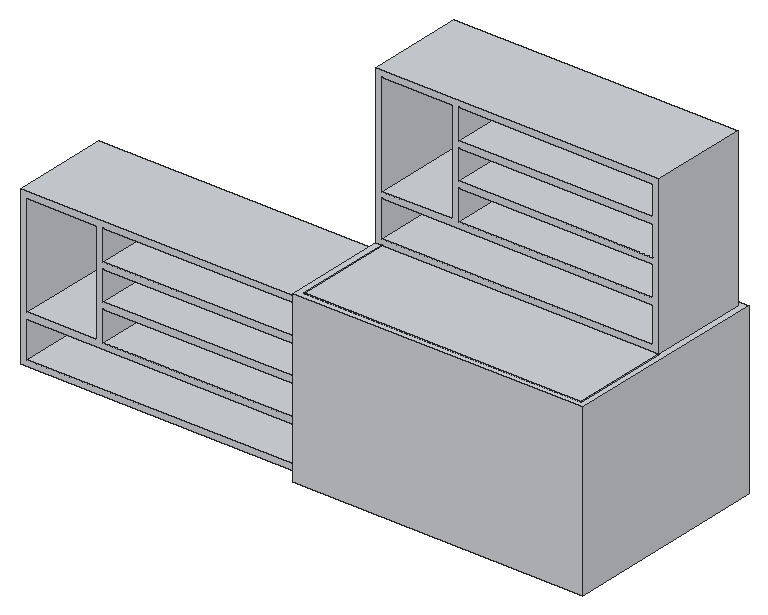
Revit family
Parameters
  spessore = 25 mm
  profonitàsc = profondità / 4 - spessore / 2  # 202.5 mm
  profondità = 860 mm
  prof comp 2 = larghezza - 2 * spessore  # 1150 mm
  prof comp = larghezza - spessore  # 1175 mm
  larghezza = 1200 mm
  kiave = larghezza / 2  # 600 mm
  chiuso2 = no
  chiuso = no
  apertura 2 = if(chiuso2, spessore, altezza - spessore)  # 675 mm
  apertura = if(chiuso, 0 mm, larghezza - spessore * 2)  # 1150 mm
  altezza = 700 mm
  altcomp1 = altcomp 2 - spessore  # 650 mm
  altcomp 2 = altezza - spessore  # 675 mm
  1/2larghezza = larghezza / 2 - spessore / 2  # 587.5 mm
Reference planes
  plane 1 "Center (Front/Back)": y = 0
  plane 2: z = 0
  plane 3 "Center (Left/Right)": x = 0
  plane 4: y = 430
  plane 5: y = -430
  plane 6: x = -600
  plane 7: x = 600
  plane 8: y = 405
  plane 9: x = 575
  plane 10: y = -405
  plane 11: x = -575
  plane 12: z = 700
  plane 13 "plani toke": z = 25
  plane 14: z = 675
  plane 15: z = 700
  plane 16: x = -550
  plane 17: x = 600
Forms (mm)
  Extrusion 1, solid
    sketch origin (0, 0, 0) x (1, 0, 0) y (0, 1, 0)
      loop
        line (-600, 430) -> (-600, -430) -> (600, -430) -> (600, 430) -> (-600, 430)
      loop
        line (-575, 405) -> (-575, -405) -> (575, -405) -> (575, 405) -> (-575, 405)
    from 0 to 700
  Extrusion 2, solid
    sketch origin (0, 0, 0) x (1, 0, 0) y (0, 1, 0)
      loop
        line (-575, 405) -> (-575, -405) -> (575, -405) -> (575, 405) -> (-575, 405)
    from 0 to 25 <- "spessore"
  Extrusion 3, void
    sketch origin (-600, -430, 0) x (0, -1, 0) y (0, 0, -1)
      loop
        line (-430, -675) -> (-25, -675) -> (-25, -25) -> (-430, -25) -> (-430, -675)
    from 0 to 25 <- "spessore"
  Extrusion 4, solid
    sketch origin (-600, -405, 675) x (1, 0, 0) y (0, 1, 0)
      loop
        line (1175, 0) -> (1175, 405) -> (25, 405) -> (25, 0) -> (1175, 0)
    from 0 to 25 <- "spessore"
Cuts and joins
  Extrusion 3 cuts Extrusion 1
Dimensions and locks
  "spessore": plane 6 to plane 11
  "spessore": plane 9 to plane 7
  "spessore": plane 4 to plane 8
  "spessore": plane 10 to plane 5
  equal spacing: plane 8, plane 1 "Center (Front/Back)", plane 10
  equal spacing: plane 11, plane 3 "Center (Left/Right)", plane 9
  "larghezza": plane 6 to plane 7
  "profondità": plane 4 to plane 5
  "altezza": plane 12 to level
  "spessore": plane 14 to plane 15
  "spessore": plane 13 "plani toke" to level
  "kiave": plane 3 "Center (Left/Right)" to plane 17
  "apertura": plane 16 to plane 17
  "apertura": nested 1 to Extrusion 4
  "apertura 2": Extrusion 2 to nested 3
  aligned and locked: Extrusion 1 sketch curve to plane 4
  aligned and locked: plane 6 to Extrusion 1 sketch curve
  aligned and locked: plane 5 to Extrusion 1 sketch curve
  aligned and locked: Extrusion 1 sketch curve to plane 7
  aligned and locked: Extrusion 1 sketch curve to plane 8
  aligned and locked: Extrusion 1 sketch curve to plane 11
  aligned and locked: plane 10 to Extrusion 1 sketch curve
  aligned and locked: Extrusion 1 sketch curve to plane 9
  aligned and locked: plane 12 to Extrusion 1
  aligned and locked: plane 15 to plane 12
  aligned and locked: Extrusion 2 to Extrusion 1  (x3)
  aligned and locked: plane 13 "plani toke" to Extrusion 2
  aligned and locked: cut or joined group of Extrusion 1, Extrusion 3 to plane 13 "plani toke"
  aligned and locked: plane 14 to cut or joined group of Extrusion 1, Extrusion 3
  aligned and locked: Extrusion 4 to cut or joined group of Extrusion 1, Extrusion 3  (x2)
  aligned and locked: nested 1 to plane 1 "Center (Front/Back)"
  aligned and locked: nested 2 to cut or joined group of Extrusion 1, Extrusion 3  (x2)
Automatic sketch dimensions
  Extrusion 2 sketch curve to plane 3 "Center (Left/Right)" = 575 mm
  plane 3 "Center (Left/Right)" to Extrusion 2 sketch curve = 575 mm
  plane 1 "Center (Front/Back)" to Extrusion 2 sketch curve = 405 mm
  Extrusion 2 sketch curve to Extrusion 2 sketch curve = 810 mm
  Extrusion 3 sketch curve to Extrusion 1 = 430 mm
  Extrusion 3 sketch curve to Extrusion 3 sketch curve = 405 mm
  Extrusion 3 sketch curve to Extrusion 1 = 25 mm  (x2)
  plane 16 to Extrusion 4 sketch curve = 1125 mm
  Extrusion 4 sketch curve to plane 3 "Center (Left/Right)" = 575 mm
  Extrusion 4 sketch curve to plane 1 "Center (Front/Back)" = 0 mm
  plane 1 "Center (Front/Back)" to Extrusion 4 sketch curve = 405 mm
Nested families
  nested 1: "scafale1000" at (-1162.5, -202.5, 25), type "scafale1000"
    with spessore mensola 25 mm, profondità 202.5 mm, muro 25 mm, 1/2larghezza 587.5 mm, anta sinistra 293.75 mm, altezza 650 mm
  nested 2: "scafale1000" at (-12.5, 202.5, 25), type "scafale1000"
    with spessore mensola 25 mm, profondità 202.5 mm, muro 25 mm, 1/2larghezza 587.5 mm, anta sinistra 293.75 mm, altezza 650 mm
  nested 3: "scafale1000" at (-12.5, 202.5, 700), type "scafale1000"
    with spessore mensola 25 mm, profondità 202.5 mm, muro 25 mm, 1/2larghezza 587.5 mm, anta sinistra 293.75 mm, altezza 650 mm
Definition of nested family "scafale1000"
  Parameters
    spessore mensola = 30 mm
    scafale = 500 mm
    profondità = 400 mm
    muro = 20 mm
    Default Elevation = 1219.2 mm
    1/2larghezza = 1000 mm
    anta sinistra = [1/2larghezza] / 2  # 500 mm
    altezza = 2000 mm
  Reference planes
    plane 1 "Center (Front/Back)": y = 0
    plane 2: z = 0
    plane 3 "Center (Left/Right)": x = 0
    plane 4: x = -1000
    plane 5: x = 1000
    plane 6: y = 400
    plane 7: y = -400
    plane 8: z = 2000
    plane 9: z = 1515
    plane 10: z = 1030
    plane 11: z = 545
    plane 12: x = -970
    plane 13: x = 970
    plane 14: z = 30
    plane 15: z = 1970
    plane 16: x = -470
    plane 17: x = -440
    plane 18: z = 1485
    plane 19: z = 1000
    plane 20: z = 515
    plane 21: y = -3000
    plane 22: y = 440
  Forms (mm)
    Extrusion 1, solid
      sketch origin (0, 0, 0) x (1, 0, 0) y (0, 1, 0)
        loop
          line (-1000, 400) -> (-1000, -400) -> (1000, -400) -> (1000, 400) -> (-1000, 400)
      from 0 to 2000
    Extrusion 2, void
      sketch origin (0, 0, 0) x (1, 0, 0) y (0, 0, 1)
        loop
          line (-970, 1970) -> (-970, 545) -> (-470, 545) -> (-470, 1970) -> (-970, 1970)
        loop
          line (-970, 515) -> (-970, 30) -> (970, 30) -> (970, 515) -> (-970, 515)
        loop
          line (-440, 1970) -> (-440, 1515) -> (970, 1515) -> (970, 1970) -> (-440, 1970)
        loop
          line (-440, 1485) -> (-440, 1030) -> (970, 1030) -> (970, 1485) -> (-440, 1485)
        loop
          line (-440, 1000) -> (-440, 545) -> (970, 545) -> (970, 1000) -> (-440, 1000)
      from -440 to 3000
  Cuts and joins
    Extrusion 2 cuts Extrusion 1
  Dimensions and locks
    equal spacing: plane 6, plane 1 "Center (Front/Back)", plane 7
    "profondità": plane 6 to plane 1 "Center (Front/Back)"
    equal spacing: plane 4, plane 3 "Center (Left/Right)", plane 5
    "1/2larghezza": plane 4 to plane 3 "Center (Left/Right)"
    "altezza": level to plane 8
    "spessore mensola": plane 8 to plane 15
    "spessore mensola": plane 13 to plane 5
    "spessore mensola": plane 12 to plane 4
    "spessore mensola": plane 14 to level
    "spessore mensola": plane 17 to plane 16
    "spessore mensola": plane 9 to plane 18
    "spessore mensola": plane 10 to plane 19
    "spessore mensola": plane 11 to plane 20
    plane 22 to cut or joined group of Extrusion 1, Extrusion 2 = 40 mm
    cut or joined group of Extrusion 1, Extrusion 2 to plane 21 = 2600 mm
    equal spacing: plane 14, plane 20, plane 19, plane 18, plane 15
    cut or joined group of Extrusion 1, Extrusion 2 to cut or joined group of Extrusion 1, Extrusion 2 = 500 mm
    "anta sinistra": plane 12 to plane 16
    aligned and locked: Extrusion 1 sketch curve to plane 6
    aligned and locked: Extrusion 1 sketch curve to plane 4
    aligned and locked: plane 7 to Extrusion 1 sketch curve
    aligned and locked: plane 5 to Extrusion 1 sketch curve
    aligned and locked: Extrusion 1 to plane 8
    aligned and locked: plane 12 to Extrusion 2 sketch curve
    aligned and locked: Extrusion 2 sketch curve to plane 15
    aligned and locked: Extrusion 2 sketch curve to plane 16
    aligned and locked: plane 11 to Extrusion 2 sketch curve  (x2)
    aligned and locked: Extrusion 2 sketch curve to plane 20
    aligned and locked: Extrusion 2 sketch curve to Extrusion 2 sketch curve
    aligned and locked: Extrusion 2 sketch curve to plane 14
    aligned and locked: plane 13 to Extrusion 2 sketch curve
    aligned and locked: plane 15 to Extrusion 2 sketch curve
    aligned and locked: Extrusion 2 sketch curve to plane 17
    aligned and locked: Extrusion 2 sketch curve to plane 9
    aligned and locked: plane 17 to Extrusion 2 sketch curve  (x4)
    aligned and locked: Extrusion 2 sketch curve to plane 18
    aligned and locked: Extrusion 2 sketch curve to plane 13  (x2)
    aligned and locked: plane 10 to Extrusion 2 sketch curve
    aligned and locked: Extrusion 2 sketch curve to plane 19
    aligned and locked: plane 22 to cut or joined group of Extrusion 1, Extrusion 2
    aligned and locked: Extrusion 2 to plane 21
  Automatic sketch dimensions
    Extrusion 2 sketch curve to plane 17 = 0 mm
    Extrusion 2 sketch curve to plane 13 = 0 mm
    plane 18 to Extrusion 2 sketch curve = 0 mm
